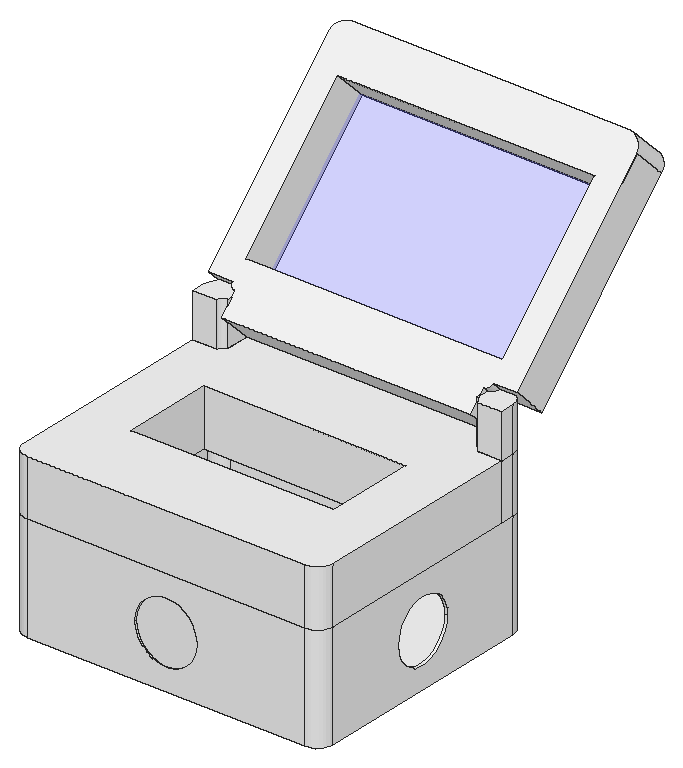
Revit family "Domotics-SerieCivili-GEWISS-27COMBI_SYSTEM-IP55_TARGA_PORTANOME", category Apparecchi elettrici, host Superficie, Revit 2016
Family settings
  Host = Superficie
  Mantenere orientamento annotazione = Sì
  Tipo di parte = Normale
  Quota connettore circolare = Usa diametro
  Numero OmniClass = 23.80.30.14.24
  Titolo OmniClass = Junction Boxes
  Taglio con vuoti quando caricato = Sì
  Condiviso = Sì
  Punto di calcolo locali = No
Parameters (values of type "GW27836 - Con targa portanome")
  Viti coperchio = "Acciaio inox"
  Versione file RFA = "19.4"
  VISTA DI PIANTA [instance] = yes
  URL = "https://www.gewiss.com/it/it"
  Tipo sfondabili = "Asportabili con utensile"
  Tipo portella = "Con membrana"
  Tipo = "Pulsante 1P NA - 10 A"
  Termopressione con biglia = "70 °C"
  Tensione: = "250 V ac"
  Tensione = "230 V ac"
  Temperatura di installazione = "-25 +60 °C"
  Scheda Tecnica = "https://www.gewiss.com/it/it/search?q=GW27836"
  SPORTELLO APERTO [instance] = yes
  SEO = "Contenitore"
  Produttore = "GEWISS S.p.A."
  Offset = 0 mm
  Norma di riferimento: = "EN 60669-1"
  N. fori Ã˜ 23 sfondabili: = "Laterali 3 / Sul fondo 1"
  N. fori Ã˜ 23 con passacavo = "1"
  Modello = "GW27836"
  IFC.TypeObject = ""
  IFC.ExportType = ""
  IFC.ExportAs = ""
  Default Elevation = 1219.2 mm
  Immagine tipo = GW27836.jpg
  IDT = "ff93f4d0-afba-40bc-82a4-8346ff139388"
  IDF = "e553e15a-08b4-43eb-be10-b546bc79620c"
  Grado di protezione = "IP55"
  Glow Wire Test = "650°C"
  Dim. esterne BxHxP (mm) = "99x82x65"
  Descrizione: = "Pulsante 1P NA - 10 A"
  Descrizione = "PULSANTE UNIP.10A TARGA PORTANOME STAGNO"
  Creato da GEWISS S.p.A. = ""
  Coppia serraggio viti = "0,8NM"
  Colore portella = "Trasparente"
  Colore = "Grigio RAL 7035"
  Codice Electrocod = "0130"
  Codice EAN = "8011564095458"
  Classe isolamento = "II"
  Catalogo Serie = "27COMBI"
  Catalogo = "DOMOTICS"
  Caratteristiche = "Targa portanome illuminabile"
  COBie.Tagnumber = ""
  COBie.CreatedOn = ""
  COBie.CreatebBy = ""
  COBie.ComponentRegisterItemID = ""
  COBie.Component.TagNumber = ""
  COBie.Component.Space = ""
  COBie.Component.SerialNumber = ""
  COBie.Component.InstallationDate = ""
  COBie.Component.Description = ""
  COBie.Component.BarCode = ""
Reference planes
  plane 1 "Centro (Fronte/Retro)": y = 0
  plane 2: z = 0
  plane 3 "Centro (Sinistra/Destra)": x = 0
  plane 4: z = 0
  plane 5: y = 41
  plane 6: y = -41
  plane 7: x = -49.5
  plane 8: x = 49.5
  plane 9: z = 60
Lines and regions (mm)
  Masking region 1
    outline origin (0, 0, 0) x (0, 1, 0) y (0, 0, 1)
      loop
        line (-41, 0) -> (41, 0) -> (41, 60) -> (-41, 60) -> (-41, 0)
  Masking region 2, visible <- "VISTA DI PIANTA"
    outline origin (0, 0, 0) x (1, 0, 0) y (0, 0, 1)
      loop
        line (-49.5, 60) -> (-49.5, 0) -> (49.5, 0) -> (49.5, 60) -> (-49.5, 60)
  Masking region 3, detail levels medium+fine
    outline origin (0, 0, 0) x (0, 1, 0) y (0, 0, 1)
      loop
        circle (0, 17) r 10
  Masking region 4, visible <- "VISTA DI PIANTA", detail levels medium+fine
    outline origin (0, 0, 0) x (1, 0, 0) y (0, 0, 1)
      loop
        circle (0, 17) r 10
Dimensions and locks
  "Offset": plane 4 to host face
  locked: plane 5 to plane 6 at 82
  locked: plane 7 to plane 8 at 99
  locked: plane 9 to plane 4 at 60
  aligned and locked: plane 2 to host face
  aligned and locked: level to host face
  aligned and locked: plane 3 "Centro (Sinistra/Destra)" to nested 1
  aligned and locked: plane 1 "Centro (Fronte/Retro)" to nested 1
  aligned and locked: plane 8 to nested 1
  aligned and locked: plane 7 to nested 1
  aligned and locked: plane 5 to nested 1
  aligned and locked: plane 6 to nested 1
  aligned and locked: Masking region 1 sketch curve to level
  aligned and locked: Masking region 1 sketch curve to nested 1
  aligned and locked: Masking region 1 sketch curve to plane 9
  aligned and locked: plane 5 to Masking region 1 sketch curve
  aligned and locked: plane 9 to Masking region 2 sketch curve
  aligned and locked: plane 7 to Masking region 2 sketch curve
  aligned and locked: plane 8 to Masking region 2 sketch curve
  aligned and locked: plane 4 to Masking region 2 sketch curve
Automatic sketch dimensions
  host sketch curve to host sketch curve = 2438.4 mm  (x2)
  Masking region 4 sketch curve to plane 3 "Centro (Sinistra/Destra)" = 0 mm
  level to Masking region 4 sketch curve = 17 mm
  Masking region 3 sketch curve to plane 1 "Centro (Fronte/Retro)" = 0 mm
  level to Masking region 3 sketch curve = 17 mm
  radius of Masking region 4 sketch curve = 10 mm
  radius of Masking region 3 sketch curve = 10 mm
Nested families
  nested 1: "SYSTEM CONTENITORI IP55 COMPL NOME_BASE" at (0, 0, 0), Sportello aperto <- "SPORTELLO APERTO", type "GW27836 - PULSANTE_UNIP"
    with Sportello chiuso no, Sportello aperto yes
Connectors
  cabletrayconduit at (49.5, 0, 17), diameter 20
    settings: on nested 1, index 1, connector width 300 mm, connector height 300 mm, connector angle 0.00°, system type 32, placement type 0, profile type 0, connector reference index -1, is primary connector yes, connector utility param no, connector description ""
  cabletrayconduit at (0, -41, 17), diameter 20
    settings: on nested 1, index 2, connector width 300 mm, connector height 300 mm, connector angle 0.00°, system type 32, placement type 0, profile type 0, connector reference index -1, is primary connector no, connector utility param no, connector description ""
  cabletrayconduit at (-48.5, 0, 17), diameter 20
    settings: on nested 1, index 3, connector width 300 mm, connector height 300 mm, connector angle 0.00°, system type 32, placement type 0, profile type 0, connector reference index -1, is primary connector no, connector utility param no, connector description ""
  cabletrayconduit at (0, 40.592, 17), diameter 20
    settings: on nested 1, index 4, connector width 300 mm, connector height 300 mm, connector angle 0.00°, system type 32, placement type 0, profile type 0, connector reference index -1, is primary connector no, connector utility param no, connector description ""
Definition of nested family "SYSTEM CONTENITORI IP55 COMPL NOME_BASE"
  Parameters (values of type "GW27836 - PULSANTE_UNIP")
    VETRO = none
    Sportello chiuso [instance] = not(Sportello aperto)  # no
    Sportello aperto [instance] = yes
    Profondità scatola = 34 mm
    Offset bidimensionale = 60 mm
    Larghezza scatola = 99 mm
    SCATOLA = none
    Larghezza foro = 65 mm
    Default Elevation = 1219.2 mm
    Altezza scatola = 82 mm
    Altezza foro = 29 mm
  Reference planes
    plane 1 "Centro (Fronte/Retro)": y = 0
    plane 2: z = 0
    plane 3 "Centro (Sinistra/Destra)": x = 0
    plane 4: x = -49.5
    plane 5: x = 49.5
    plane 6 "1": y = 41
    plane 7: y = -41
    plane 8 "PIANO 1": z = 66
    plane 9: z = 34
    plane 10: z = 2
    plane 11: z = 52
    plane 12: x = -32.5
    plane 13: x = 32.5
    plane 14: y = 14.5
    plane 15: y = -14.5
    plane 16: z = 17
    plane 17 "PIANO BIDIMENSIONALE": z = 60
  Forms (mm)
    Extrusion 1, solid, material <- "SCATOLA", detail levels medium+fine
      sketch origin (0, 0, 66) x (0, -1, 0) y (1, 0, 0)
        loop
          arc (-41, -44.5) -> (-39.536, -48.036) -> (-36, -49.5) r 5
          line (-36, -49.5) -> (36, -49.5)
          arc (36, -49.5) -> (39.536, -48.036) -> (41, -44.5) r 5
          line (41, -44.5) -> (41, 44.5)
          arc (41, 44.5) -> (39.536, 48.036) -> (36, 49.5) r 5
          line (36, 49.5) -> (-36, 49.5)
          arc (-36, 49.5) -> (-39.536, 48.036) -> (-41, 44.5) r 5
          line (-41, 44.5) -> (-41, -44.5)
      from -66 to -32
    Extrusion 2, void, detail levels medium+fine
      sketch origin (0, 0, 66) x (0, -1, 0) y (1, 0, 0)
        loop
          line (-40, 44.5) -> (-40, -44.5)
          arc (-40, -44.5) -> (-38.828, -47.328) -> (-36, -48.5) r 4
          line (-36, -48.5) -> (36, -48.5)
          arc (36, -48.5) -> (38.828, -47.328) -> (40, -44.5) r 4
          line (40, -44.5) -> (40, 44.5)
          arc (40, 44.5) -> (38.828, 47.328) -> (36, 48.5) r 4
          line (36, 48.5) -> (-36, 48.5)
          arc (-36, 48.5) -> (-38.828, 47.328) -> (-40, 44.5) r 4
      from -64 to -32
    Extrusion 3, solid, material <- "SCATOLA", visible <- "Sportello chiuso", detail levels medium+fine
      sketch origin (0, 0, 66) x (0, -1, 0) y (1, 0, 0)
        loop
          line (-41, -39.914) -> (-33.415, -39.914)
          arc (-33.415, -39.914) -> (-32.861, -41.251) -> (-31.525, -41.804) r 1.89
          line (-31.525, -41.804) -> (-31.525, -49.5) -> (36, -49.5)
          arc (36, -49.5) -> (39.536, -48.036) -> (41, -44.5) r 5
          line (41, -44.5) -> (41, 44.5)
          arc (41, 44.5) -> (39.536, 48.036) -> (36, 49.5) r 5
          line (36, 49.5) -> (-31.525, 49.5) -> (-31.525, 41.804)
          arc (-31.525, 41.804) -> (-32.861, 41.251) -> (-33.415, 39.914) r 1.89
          line (-33.415, 39.914) -> (-41, 39.914) -> (-41, -39.914)
        loop
          line (19.857, 41.217) -> (-17.857, 41.217) -> (-17.857, -41.217) -> (19.857, -41.217) -> (19.857, 41.217)
      from -14 to 0
    Extrusion 4, solid, material <- "SCATOLA", detail levels medium+fine
      sketch origin (0, 0, 66) x (0, -1, 0) y (1, 0, 0)
        loop
          line (-41, -39.914) -> (-33.415, -39.914)
          arc (-33.415, -39.914) -> (-32.861, -41.251) -> (-31.525, -41.804) r 1.89
          line (-31.525, -41.804) -> (-31.525, -49.5) -> (36, -49.5)
          arc (36, -49.5) -> (39.536, -48.036) -> (41, -44.5) r 5
          line (41, -44.5) -> (41, 44.5)
          arc (41, 44.5) -> (39.536, 48.036) -> (36, 49.5) r 5
          line (36, 49.5) -> (-31.525, 49.5) -> (-31.525, 41.804)
          arc (-31.525, 41.804) -> (-32.861, 41.251) -> (-33.415, 39.914) r 1.89
          line (-33.415, 39.914) -> (-41, 39.914) -> (-41, -39.914)
        loop
          line (14.5, 32.5) -> (-14.5, 32.5) -> (-14.5, -32.5) -> (14.5, -32.5) -> (14.5, 32.5)
      from -32 to -14
    Extrusion 5, solid, material <- "SCATOLA", detail levels medium+fine
      sketch origin (0, 0, 66) x (0, -1, 0) y (1, 0, 0)
        loop
          arc (-41, -44.5) -> (-39.536, -48.036) -> (-36, -49.5) r 5
          line (-36, -49.5) -> (-31.525, -49.5) -> (-31.525, -41.804)
          arc (-31.525, -41.804) -> (-32.861, -41.251) -> (-33.415, -39.914) r 1.89
          line (-33.415, -39.914) -> (-41, -39.914) -> (-41, -44.5)
      from -14 to 0
    Extrusion 6, solid, material <- "SCATOLA", detail levels medium+fine
      sketch origin (0, 0, 66) x (0, -1, 0) y (1, 0, 0)
        loop
          line (-41, 44.5) -> (-41, 39.914) -> (-33.415, 39.914)
          arc (-33.415, 39.914) -> (-32.861, 41.251) -> (-31.525, 41.804) r 1.89
          line (-31.525, 41.804) -> (-31.525, 49.5) -> (-36, 49.5)
          arc (-36, 49.5) -> (-39.536, 48.036) -> (-41, 44.5) r 5
      from -14 to 0
    Extrusion 7, solid, material <- "VETRO", visible <- "Sportello chiuso", detail levels medium+fine
      sketch origin (0, 0, 66) x (0, -1, 0) y (1, 0, 0)
        loop
          line (-17.857, -41.217) -> (17.857, -41.217) -> (17.857, 41.217) -> (-17.857, 41.217) -> (-17.857, -41.217)
      from -1.5 to 0
    Extrusion 8, solid, material <- "SCATOLA", visible <- "Sportello aperto", detail levels medium+fine
      sketch origin (0, 69.991, 80.991) x (0, 0.707107, 0.707107) y (1, 0, 0)
        loop
          line (-41, -39.914) -> (-33.415, -39.914)
          arc (-33.415, -39.914) -> (-32.861, -41.251) -> (-31.525, -41.804) r 1.89
          line (-31.525, -41.804) -> (-31.525, -49.5) -> (36, -49.5)
          arc (36, -49.5) -> (39.536, -48.036) -> (41, -44.5) r 5
          line (41, -44.5) -> (41, 44.5)
          arc (41, 44.5) -> (39.536, 48.036) -> (36, 49.5) r 5
          line (36, 49.5) -> (-31.525, 49.5) -> (-31.525, 41.804)
          arc (-31.525, 41.804) -> (-32.861, 41.251) -> (-33.415, 39.914) r 1.89
          line (-33.415, 39.914) -> (-41, 39.914) -> (-41, -39.914)
        loop
          line (26.857, 41.217) -> (-24.857, 41.217) -> (-24.857, -41.217) -> (26.857, -41.217) -> (26.857, 41.217)
      from -14 to 0
    Extrusion 9, solid, material <- "VETRO", visible <- "Sportello aperto", detail levels medium+fine
      sketch origin (0, 69.991, 80.991) x (0, 0.707107, 0.707107) y (1, 0, 0)
        loop
          line (-24.857, -41.217) -> (26.857, -41.217) -> (26.857, 41.217) -> (-24.857, 41.217) -> (-24.857, -41.217)
      from -1.5 to 0
    Extrusion 10, solid, material <- "SCATOLA", visible <- "Sportello aperto", not visible
      sketch origin (210, 0, -63.711) x (0, -1, 0) y (1, 0, 0)
        loop
          line (-41, -56.414) -> (-33.415, -56.414)
          arc (-33.415, -56.414) -> (-32.861, -57.751) -> (-31.525, -58.304) r 1.89
          line (-31.525, -58.304) -> (-31.525, -66) -> (36, -66)
          arc (36, -66) -> (39.536, -64.536) -> (41, -61) r 5
          line (41, -61) -> (41, 61)
          arc (41, 61) -> (39.536, 64.536) -> (36, 66) r 5
          line (36, 66) -> (-31.525, 66) -> (-31.525, 58.304)
          arc (-31.525, 58.304) -> (-32.861, 57.751) -> (-33.415, 56.414) r 1.89
          line (-33.415, 56.414) -> (-41, 56.414) -> (-41, -56.414)
        loop
          line (26.857, 57.717) -> (-24.857, 57.717) -> (-24.857, -57.717) -> (26.857, -57.717) -> (26.857, 57.717)
      from -14 to 0
    Extrusion 11, solid, material <- "VETRO", visible <- "Sportello aperto", not visible
      sketch origin (210, 0, -63.711) x (0, -1, 0) y (1, 0, 0)
        loop
          line (-24.857, -57.717) -> (26.857, -57.717) -> (26.857, 57.717) -> (-24.857, 57.717) -> (-24.857, -57.717)
      from -1.5 to 0
    Extrusion 12, solid, material <- "SCATOLA", detail levels fine
      sketch origin (0, 0, 0) x (1, 0, 0) y (0, 0, 1)
        loop
          circle (0, 17) r 16
      from -43 to -41
    Extrusion 13, solid, material <- "SCATOLA", detail levels fine
      sketch origin (0, 41, 0) x (-1, 0, 0) y (0, 0, 1)
        loop
          circle (0, 17) r 13
      from 5 to 3
    Extrusion 14, solid, material <- "SCATOLA", detail levels fine
      sketch origin (0, 41, 0) x (-1, 0, 0) y (0, 0, 1)
        loop
          circle (0, 17) r 10
      from 8 to 6
    Extrusion 15, solid, material <- "SCATOLA", detail levels fine
      sketch origin (0, 41, 0) x (-1, 0, 0) y (0, 0, 1)
        loop
          circle (0, 17) r 3
      from 2 to 6
    Extrusion 16, solid, material <- "SCATOLA", detail levels medium+fine
      sketch origin (0, 0, 0) x (1, 0, 0) y (0, 1, 0)
        loop
          line (-39.914, 33.415) -> (-39.914, 41) -> (-44.5, 41)
          arc (-44.5, 41) -> (-48.036, 39.536) -> (-49.5, 36) r 5
          line (-49.5, 36) -> (-49.5, 31.525) -> (-41.804, 31.525)
          arc (-41.804, 31.525) -> (-41.251, 32.861) -> (-39.914, 33.415) r 1.89
        loop
          arc (39.914, 33.415) -> (41.251, 32.861) -> (41.804, 31.525) r 1.89
          line (41.804, 31.525) -> (49.5, 31.525) -> (49.5, 36)
          arc (49.5, 36) -> (48.036, 39.536) -> (44.5, 41) r 5
          line (44.5, 41) -> (39.914, 41) -> (39.914, 33.415)
      from 34 to 52
    Extrusion 17, void, detail levels medium+fine
      sketch origin (0, 0, 0) x (0, 1, 0) y (0, 0, 1)
        loop
          circle (0, 17) r 10
      from 32.526 to 49.5
    Extrusion 18, void, detail levels medium+fine
      sketch origin (0, 0, 0) x (1, 0, 0) y (0, 0, 1)
        loop
          circle (0, 17) r 10
      from 40.592 to 41
    Extrusion 19, void, detail levels medium+fine
      sketch origin (0, 0, 0) x (0, 1, 0) y (0, 0, -1)
        loop
          circle (0, -17) r 11.5
      from 32.526 to 49.5
    Extrusion 20, void, detail levels medium+fine
      sketch origin (0, 0, 0) x (1, 0, 0) y (0, 0, -1)
        loop
          circle (0, -17) r 10
      from 40.592 to 41
    Extrusion 21, solid, material <- "SCATOLA", detail levels coarse
      sketch origin (0, 0, 66) x (0, -1, 0) y (1, 0, 0)
        loop
          arc (36, -49.5) -> (39.536, -48.036) -> (41, -44.5) r 5
          line (41, -44.5) -> (41, 44.5)
          arc (41, 44.5) -> (39.536, 48.036) -> (36, 49.5) r 5
          line (36, 49.5) -> (-31.525, 49.5) -> (-36, 49.5)
          arc (-36, 49.5) -> (-39.536, 48.036) -> (-41, 44.5) r 5
          line (-41, 44.5) -> (-41, -44.5)
          arc (-41, -44.5) -> (-39.536, -48.036) -> (-36, -49.5) r 5
          line (-36, -49.5) -> (36, -49.5)
      from -66 to -6
  Cuts and joins
    Extrusion 2, Extrusion 17, Extrusion 18, Extrusion 19, Extrusion 20 cuts Extrusion 1
  Lines and regions (mm)
    Masking region 1
      outline origin (0, 0, 66) x (0, -1, 0) y (1, 0, 0)
        loop
          line (36, 49.5) -> (-31.525, 49.5) -> (-36, 49.5)
          arc (-36, 49.5) -> (-39.536, 48.036) -> (-41, 44.5) r 5
          line (-41, 44.5) -> (-41, -44.5)
          arc (-41, -44.5) -> (-39.536, -48.036) -> (-36, -49.5) r 5
          line (-36, -49.5) -> (36, -49.5)
          arc (36, -49.5) -> (39.536, -48.036) -> (41, -44.5) r 5
          line (41, -44.5) -> (41, 44.5)
          arc (41, 44.5) -> (39.536, 48.036) -> (36, 49.5) r 5
        loop
          line (26.857, 41.217) -> (-31.525, 41.217)
          arc (-31.525, 41.217) -> (-32.446, 40.836) -> (-32.828, 39.914) r 1.303
          line (-32.828, 39.914) -> (-32.828, -39.914)
          arc (-32.828, -39.914) -> (-32.446, -40.836) -> (-31.525, -41.217) r 1.303
          line (-31.525, -41.217) -> (26.857, -41.217) -> (26.857, 41.217)
        loop
          line (-14.5, 32.5) -> (-14.5, -32.5) -> (14.5, -32.5) -> (14.5, 32.5) -> (-14.5, 32.5)
        loop
          circle (-36, -44.5) r 2
        loop
          circle (-36, 44.5) r 2
    Masking region 2
      outline origin (0, 0, 66) x (0, -1, 0) y (1, 0, 0)
        loop
          line (-31.525, -49.5) -> (-31.525, -41.804)
          arc (-31.525, -41.804) -> (-32.861, -41.251) -> (-33.415, -39.914) r 1.89
          line (-33.415, -39.914) -> (-41, -39.914) -> (-41, -44.5)
          arc (-41, -44.5) -> (-39.536, -48.036) -> (-36, -49.5) r 5
          line (-36, -49.5) -> (-31.525, -49.5)
        loop
          circle (-36, -44.5) r 2
        loop
          line (-31.525, 41.804) -> (-31.525, 49.5) -> (-36, 49.5)
          arc (-36, 49.5) -> (-39.536, 48.036) -> (-41, 44.5) r 5
          line (-41, 44.5) -> (-41, 39.914) -> (-33.415, 39.914)
          arc (-33.415, 39.914) -> (-32.861, 41.251) -> (-31.525, 41.804) r 1.89
        loop
          circle (-36, 44.5) r 2
        loop
          line (41, -42.496) -> (41, -40.496) -> (38.247, -40.496)
          arc (38.247, -40.496) -> (36.833, -39.91) -> (36.247, -38.496) r 2
          line (36.247, -38.496) -> (36.247, 38.496)
          arc (36.247, 38.496) -> (36.833, 39.91) -> (38.247, 40.496) r 2
          line (38.247, 40.496) -> (41, 40.496) -> (41, 42.496) -> (36.247, 42.496)
          arc (36.247, 42.496) -> (34.833, 41.91) -> (34.247, 40.496) r 2
          line (34.247, 40.496) -> (34.247, -40.496)
          arc (34.247, -40.496) -> (34.833, -41.91) -> (36.247, -42.496) r 2
          line (36.247, -42.496) -> (41, -42.496)
        loop
          line (26.857, -41.217) -> (26.857, 41.217) -> (-31.525, 41.217)
          arc (-31.525, 41.217) -> (-32.446, 40.836) -> (-32.828, 39.914) r 1.303
          line (-32.828, 39.914) -> (-32.828, -39.914)
          arc (-32.828, -39.914) -> (-32.446, -40.836) -> (-31.525, -41.217) r 1.303
          line (-31.525, -41.217) -> (26.857, -41.217)
        loop
          line (-14.5, 32.5) -> (-14.5, -32.5) -> (14.5, -32.5) -> (14.5, 32.5) -> (-14.5, 32.5)
    Masking region 3
      outline origin (0, 0, 66) x (0, -1, 0) y (1, 0, 0)
        loop
          circle (-36, -44.5) r 2
        loop
          circle (-36, 44.5) r 2
    model lines, detail levels coarse
      curve 1: line (-44.5, 41, 60) -> (44.5, 41, 60)
      curve 2: arc (-44.5, 41, 60) -> (-48.036, 39.536, 60) -> (-49.5, 36, 60) r 5
      curve 3: line (-49.5, -36, 60) -> (-49.5, 36, 60)
      curve 4: arc (-44.5, -41, 60) -> (-48.036, -39.536, 60) -> (-49.5, -36, 60) r 5
      curve 5: line (44.5, -41, 60) -> (-44.5, -41, 60)
      curve 6: line (-40.496, -41, 60) -> (-40.496, -38.247, 60)
      curve 7: line (-42.496, -41, 60) -> (-42.496, -36.247, 60)
      curve 8: arc (-38.496, -36.247, 60) -> (-39.91, -36.833, 60) -> (-40.496, -38.247, 60) r 2
      curve 9: arc (-40.496, -34.247, 60) -> (-41.91, -34.833, 60) -> (-42.496, -36.247, 60) r 2
      curve 10: line (-40.496, -34.247, 60) -> (40.496, -34.247, 60)
      curve 11: line (-38.496, -36.247, 60) -> (38.496, -36.247, 60)
      curve 12: arc (40.496, -38.247, 60) -> (39.91, -36.833, 60) -> (38.496, -36.247, 60) r 2
      curve 13: line (40.496, -41, 60) -> (40.496, -38.247, 60)
      curve 14: arc (42.496, -36.247, 60) -> (41.91, -34.833, 60) -> (40.496, -34.247, 60) r 2
      curve 15: line (42.496, -41, 60) -> (42.496, -36.247, 60)
      curve 16: arc (49.5, -36, 60) -> (48.036, -39.536, 60) -> (44.5, -41, 60) r 5
      curve 17: line (49.5, 36, 60) -> (49.5, -36, 60)
      curve 18: arc (44.5, 41, 60) -> (48.036, 39.536, 60) -> (49.5, 36, 60) r 5
      curve 19: line (39.914, 41, 60) -> (39.914, 33.415, 60)
      curve 20: line (-39.914, 41, 60) -> (-39.914, 33.415, 60)
      curve 21: circle (-44.5, 36, 60) r 2 normal (0, 0, 1)
      curve 22: line (-46.412, 35.413, 60) -> (-43.2, 37.52, 60)
      curve 23: line (-42.672, 36.81, 60) -> (-45.972, 34.646, 60)
      curve 24: circle (44.5, 36, 60) r 2 normal (0, 0, -1)
      curve 25: line (46.412, 35.413, 60) -> (43.2, 37.52, 60)
      curve 26: line (42.672, 36.81, 60) -> (45.972, 34.646, 60)
      curve 27: line (49.5, 31.525, 60) -> (41.804, 31.525, 60)
      curve 28: arc (39.914, 33.415, 60) -> (41.251, 32.861, 60) -> (41.804, 31.525, 60) r 1.89
      curve 29: line (-39.914, 33.415, 60) -> (39.914, 33.415, 60)
      curve 30: arc (-39.914, 33.415, 60) -> (-41.251, 32.861, 60) -> (-41.804, 31.525, 60) r 1.89
      curve 31: line (-49.5, 31.525, 60) -> (-41.804, 31.525, 60)
      curve 32: arc (-39.914, 32.828, 60) -> (-40.836, 32.446, 60) -> (-41.217, 31.525, 60) r 1.303
      curve 33: line (-39.914, 32.828, 60) -> (39.914, 32.828, 60)
      curve 34: arc (39.914, 32.828, 60) -> (40.836, 32.446, 60) -> (41.217, 31.525, 60) r 1.303
      curve 35: line (41.217, 31.525, 60) -> (41.217, -26.857, 60)
      curve 36: line (-41.217, -26.857, 60) -> (-41.217, 31.525, 60)
      curve 37: line (-41.217, 24.857, 60) -> (41.217, 24.857, 60)
      curve 38: line (-32.5, 14.5, 60) -> (32.5, 14.5, 60)
      curve 39: line (32.5, 14.5, 60) -> (32.5, -14.5, 60)
      curve 40: line (-32.5, -14.5, 60) -> (-32.5, 14.5, 60)
      curve 41: line (32.5, -14.5, 60) -> (-32.5, -14.5, 60)
      curve 42: line (41.217, -26.857, 60) -> (-41.217, -26.857, 60)
    model lines, not visible, detail levels coarse
      curve 43: line (-18.5, 41, 60) -> (70.5, 41, 60)
      curve 44: arc (-18.5, 41, 60) -> (-22.036, 39.536, 60) -> (-23.5, 36, 60) r 5
      curve 45: line (-23.5, -36, 60) -> (-23.5, 36, 60)
      curve 46: arc (-18.5, -41, 60) -> (-22.036, -39.536, 60) -> (-23.5, -36, 60) r 5
      curve 47: line (70.5, -41, 60) -> (-18.5, -41, 60)
      curve 48: line (-14.496, -41, 60) -> (-14.496, -38.247, 60)
      curve 49: line (-16.496, -41, 60) -> (-16.496, -36.247, 60)
      curve 50: arc (-12.496, -36.247, 60) -> (-13.91, -36.833, 60) -> (-14.496, -38.247, 60) r 2
      curve 51: arc (-14.496, -34.247, 60) -> (-15.91, -34.833, 60) -> (-16.496, -36.247, 60) r 2
      curve 52: line (-14.496, -34.247, 60) -> (66.496, -34.247, 60)
      curve 53: line (-12.496, -36.247, 60) -> (64.496, -36.247, 60)
      curve 54: arc (66.496, -38.247, 60) -> (65.91, -36.833, 60) -> (64.496, -36.247, 60) r 2
      curve 55: line (66.496, -41, 60) -> (66.496, -38.247, 60)
      curve 56: arc (68.496, -36.247, 60) -> (67.91, -34.833, 60) -> (66.496, -34.247, 60) r 2
      curve 57: line (68.496, -41, 60) -> (68.496, -36.247, 60)
      curve 58: arc (75.5, -36, 60) -> (74.036, -39.536, 60) -> (70.5, -41, 60) r 5
      curve 59: line (75.5, 36, 60) -> (75.5, -36, 60)
      curve 60: arc (70.5, 41, 60) -> (74.036, 39.536, 60) -> (75.5, 36, 60) r 5
      curve 61: line (65.914, 41, 60) -> (65.914, 33.415, 60)
      curve 62: line (-13.914, 41, 60) -> (-13.914, 33.415, 60)
      curve 63: circle (-18.5, 36, 60) r 2 normal (0, 0, 1)
      curve 64: line (-20.412, 35.413, 60) -> (-17.2, 37.52, 60)
      curve 65: line (-16.672, 36.81, 60) -> (-19.972, 34.646, 60)
      curve 66: circle (70.5, 36, 60) r 2 normal (0, 0, -1)
      curve 67: line (72.412, 35.413, 60) -> (69.2, 37.52, 60)
      curve 68: line (68.672, 36.81, 60) -> (71.972, 34.646, 60)
      curve 69: line (75.5, 31.525, 60) -> (67.804, 31.525, 60)
      curve 70: arc (65.914, 33.415, 60) -> (67.251, 32.861, 60) -> (67.804, 31.525, 60) r 1.89
      curve 71: line (-13.914, 33.415, 60) -> (65.914, 33.415, 60)
      curve 72: arc (-13.914, 33.415, 60) -> (-15.251, 32.861, 60) -> (-15.804, 31.525, 60) r 1.89
      curve 73: line (-23.5, 31.525, 60) -> (-15.804, 31.525, 60)
      curve 74: arc (-13.914, 32.828, 60) -> (-14.836, 32.446, 60) -> (-15.217, 31.525, 60) r 1.303
      curve 75: line (-13.914, 32.828, 60) -> (65.914, 32.828, 60)
      curve 76: arc (65.914, 32.828, 60) -> (66.836, 32.446, 60) -> (67.217, 31.525, 60) r 1.303
      curve 77: line (67.217, 31.525, 60) -> (67.217, -26.857, 60)
      curve 78: line (-15.217, -26.857, 60) -> (-15.217, 31.525, 60)
      curve 79: line (-15.217, 24.857, 60) -> (67.217, 24.857, 60)
      curve 80: line (-6.5, 14.5, 60) -> (58.5, 14.5, 60)
      curve 81: line (58.5, 14.5, 60) -> (58.5, -14.5, 60)
      curve 82: line (-6.5, -14.5, 60) -> (-6.5, 14.5, 60)
      curve 83: line (58.5, -14.5, 60) -> (-6.5, -14.5, 60)
      curve 84: line (67.217, -26.857, 60) -> (-15.217, -26.857, 60)
  Dimensions and locks
    equal spacing: plane 4, plane 3 "Centro (Sinistra/Destra)", plane 5
    equal spacing: plane 6 "1", plane 1 "Centro (Fronte/Retro)", plane 7
    "Altezza scatola": plane 6 "1" to plane 7
    "Larghezza scatola": plane 4 to plane 5
    "Profondità scatola": plane 9 to level
    plane 8 "PIANO 1" to plane 11 = 14 mm
    "Altezza foro": plane 15 to plane 14
    "Larghezza foro": plane 12 to plane 13
    equal spacing: plane 12, plane 3 "Centro (Sinistra/Destra)", plane 13
    equal spacing: level, plane 16, plane 9
    equal spacing: plane 15, plane 1 "Centro (Fronte/Retro)", plane 14
    "Offset bidimensionale": plane 17 "PIANO BIDIMENSIONALE" to plane 2
    aligned and locked: level to plane 2
    aligned and locked: Extrusion 1 sketch curve to plane 6 "1"
    aligned and locked: plane 4 to Extrusion 1 sketch curve
    aligned and locked: Extrusion 1 sketch curve to plane 5
    aligned and locked: plane 7 to Extrusion 1 sketch curve
    aligned and locked: Extrusion 1 to level
    aligned and locked: Extrusion 2 to plane 10
    aligned and locked: plane 9 to Extrusion 2
    aligned and locked: plane 9 to Extrusion 1
    aligned and locked: Extrusion 3 sketch curve to plane 4
    aligned and locked: plane 6 "1" to Extrusion 3 sketch curve
    aligned and locked: plane 5 to Extrusion 3 sketch curve
    aligned and locked: Extrusion 3 sketch curve to plane 7
    aligned and locked: plane 8 "PIANO 1" to Extrusion 3
    aligned and locked: Extrusion 3 to plane 11
    aligned and locked: Extrusion 4 to Extrusion 3
    aligned and locked: Extrusion 4 to plane 9
    aligned and locked: cut or joined group of Extrusion 1, Extrusion 2, Extrusion 17, Extrusion 18, Extrusion 19, Extrusion 20 to Extrusion 5 sketch curve
    aligned and locked: Extrusion 5 sketch curve to cut or joined group of Extrusion 1, Extrusion 2, Extrusion 17, Extrusion 18, Extrusion 19, Extrusion 20
    aligned and locked: Extrusion 5 to Extrusion 3
    aligned and locked: plane 5 to Extrusion 6
    aligned and locked: Extrusion 3 to Extrusion 7 sketch curve
    aligned and locked: plane 8 "PIANO 1" to Extrusion 7
    aligned and locked: Extrusion 7 sketch curve to Extrusion 3
    aligned and locked: Extrusion 9 sketch curve to Extrusion 8  (x2)
    aligned and locked: Extrusion 11 sketch curve to Extrusion 10  (x2)
    aligned and locked: Extrusion 8 to plane 4
    aligned and locked: Extrusion 9 to Extrusion 8  (x2)
    aligned and locked: Extrusion 11 to Extrusion 10  (x2)
    aligned and locked: plane 4 to Extrusion 8 sketch curve
    aligned and locked: Extrusion 8 sketch curve to plane 5
    aligned and locked: plane 14 to Extrusion 4 sketch curve
    aligned and locked: Extrusion 4 sketch curve to plane 15
    aligned and locked: plane 12 to Extrusion 4 sketch curve
    aligned and locked: Extrusion 4 sketch curve to plane 13
    aligned and locked: plane 6 "1" to Extrusion 12
    aligned and locked: Extrusion 15 to Extrusion 12
    aligned and locked: Extrusion 15 to Extrusion 14
    aligned and locked: Extrusion 6 to Extrusion 4
    aligned and locked: Extrusion 5 to Extrusion 4
    aligned and locked: Extrusion 16 to Extrusion 3
    aligned and locked: Extrusion 16 to cut or joined group of Extrusion 1, Extrusion 2, Extrusion 17, Extrusion 18, Extrusion 19, Extrusion 20
    aligned and locked: Extrusion 16 sketch curve to Extrusion 4
    aligned and locked: plane 5 to Extrusion 17
    aligned and locked: Extrusion 18 to plane 7
    aligned and locked: Extrusion 1 to Extrusion 19
    aligned and locked: curve 1 to plane 6 "1"
    aligned and locked: plane 7 to curve 5
    aligned and locked: Extrusion 4 to plane 7
    aligned and locked: plane 5 to Extrusion 3
    aligned and locked: plane 6 "1" to Extrusion 3
    aligned and locked: Extrusion 3 to plane 4
    aligned and locked: Extrusion 3 to plane 8 "PIANO 1"
    aligned and locked: Extrusion 21 sketch curve to Extrusion 3  (x4)
    aligned and locked: plane 5 to Extrusion 21 sketch curve
    aligned and locked: Extrusion 21 to level
    aligned and locked: plane 12 to Extrusion 4  (x2)
    aligned and locked: Extrusion 4 to plane 13  (x2)
    aligned and locked: Extrusion 21 to plane 4
    aligned and locked: plane 14 to Extrusion 4
    aligned and locked: Extrusion 4 to plane 15
    aligned and locked: Extrusion 21 to plane 7
    aligned and locked: plane 5 to Extrusion 21
    aligned and locked: plane 6 "1" to Extrusion 21
    aligned and locked: curve 39 to plane 13
    aligned and locked: plane 12 to curve 40
    aligned and locked: Extrusion 21 to curve 2
    aligned and locked: Masking region 1 sketch curve to Extrusion 21  (x4)
    aligned and locked: Masking region 1 sketch curve to curve 42
    aligned and locked: Masking region 1 sketch curve to curve 36
    aligned and locked: Masking region 1 sketch curve to curve 33
    aligned and locked: Masking region 1 sketch curve to curve 35
    aligned and locked: Masking region 1 sketch curve to curve 39
    aligned and locked: Masking region 1 sketch curve to curve 41
    aligned and locked: Masking region 1 sketch curve to curve 40
    aligned and locked: Masking region 1 sketch curve to curve 38
    aligned and locked: Masking region 2 sketch curve to Extrusion 16  (x4)
    aligned and locked: Masking region 2 sketch curve to Extrusion 6  (x4)
    aligned and locked: Masking region 2 sketch curve to curve 7
    aligned and locked: Masking region 2 sketch curve to curve 10
    aligned and locked: Masking region 2 sketch curve to curve 15
    aligned and locked: Masking region 2 sketch curve to curve 6
    aligned and locked: Masking region 2 sketch curve to curve 11
    aligned and locked: Masking region 2 sketch curve to curve 36
    aligned and locked: Masking region 2 sketch curve to curve 33
    aligned and locked: Masking region 2 sketch curve to curve 35
    aligned and locked: Masking region 2 sketch curve to curve 42
    aligned and locked: Masking region 2 sketch curve to curve 39
    aligned and locked: Masking region 2 sketch curve to curve 41
    aligned and locked: Masking region 2 sketch curve to curve 40
    aligned and locked: Masking region 2 sketch curve to curve 38
  Automatic sketch dimensions
    Extrusion 10 sketch curve to Extrusion 10 sketch curve = 7.585 mm  (x2)
    Extrusion 10 sketch curve to Extrusion 10 sketch curve = 1.89 mm  (x2)
    Extrusion 10 sketch curve to Extrusion 10 sketch curve = 6.668 mm
    Extrusion 10 sketch curve to Extrusion 10 sketch curve = 7.696 mm
    Extrusion 10 sketch curve to Extrusion 10 sketch curve = 0.587 mm  (x2)
    Extrusion 10 sketch curve to Extrusion 10 sketch curve = 112.829 mm
    Extrusion 10 sketch curve to Extrusion 10 sketch curve = 3.283 mm
    Extrusion 10 sketch curve to Extrusion 10 sketch curve = 51.714 mm
    Extrusion 10 sketch curve to Extrusion 10 sketch curve = 9.143 mm  (x2)
    Extrusion 10 sketch curve to Extrusion 10 sketch curve = 5 mm
    Extrusion 11 sketch curve to Extrusion 11 sketch curve = 51.714 mm
    Extrusion 1 sketch curve to Extrusion 1 sketch curve = 5 mm  (x2)
    Extrusion 1 sketch curve to plane 5 = 5 mm  (x2)
    Extrusion 2 sketch curve to plane 6 "1" = 1 mm
    plane 4 to Extrusion 2 sketch curve = 1 mm
    Extrusion 2 sketch curve to plane 6 "1" = 5 mm
    Extrusion 2 sketch curve to Extrusion 2 sketch curve = 4 mm
    plane 7 to Extrusion 2 sketch curve = 5 mm  (x2)
    plane 7 to Extrusion 2 sketch curve = 1 mm
    Extrusion 2 sketch curve to plane 5 = 5 mm
    Extrusion 3 sketch curve to Extrusion 3 sketch curve = 7.585 mm  (x2)
    Extrusion 3 sketch curve to plane 6 "1" = 9.475 mm
    Extrusion 3 sketch curve to Extrusion 3 sketch curve = 1.89 mm
    Extrusion 3 sketch curve to plane 14 = 3.357 mm
    plane 15 to Extrusion 3 sketch curve = 5.357 mm
    plane 7 to Extrusion 3 sketch curve = 5 mm
    Extrusion 3 sketch curve to plane 5 = 5 mm
    Extrusion 3 sketch curve to Extrusion 3 sketch curve = 7.696 mm
    Extrusion 3 sketch curve to Extrusion 3 sketch curve = 0.587 mm
    Extrusion 3 sketch curve to plane 5 = 9.586 mm
    Extrusion 3 sketch curve to plane 5 = 8.283 mm
    Extrusion 4 sketch curve to plane 6 "1" = 0 mm
    Extrusion 4 sketch curve to plane 4 = 0 mm
    Extrusion 4 sketch curve to plane 5 = 0 mm
    Extrusion 4 sketch curve to plane 7 = 0 mm
    Extrusion 4 sketch curve to Extrusion 4 sketch curve = 7.585 mm  (x2)
    Extrusion 4 sketch curve to plane 6 "1" = 9.475 mm
    Extrusion 4 sketch curve to Extrusion 4 sketch curve = 1.89 mm
    plane 7 to Extrusion 4 sketch curve = 5 mm
    Extrusion 4 sketch curve to plane 5 = 5 mm
    Extrusion 4 sketch curve to Extrusion 4 sketch curve = 7.696 mm
    Extrusion 4 sketch curve to plane 5 = 9.586 mm
    Extrusion 5 sketch curve to Extrusion 5 sketch curve = 5 mm
    Extrusion 5 sketch curve to Extrusion 5 sketch curve = 2.585 mm
    Extrusion 5 sketch curve to Extrusion 5 sketch curve = 1.89 mm
    Extrusion 5 sketch curve to Extrusion 5 sketch curve = 2.696 mm
    Extrusion 6 sketch curve to plane 6 "1" = 0 mm
    Extrusion 6 sketch curve to plane 5 = 0 mm
    plane 5 to Extrusion 6 sketch curve = 5 mm
    Extrusion 6 sketch curve to Extrusion 6 sketch curve = 2.585 mm
    Extrusion 6 sketch curve to Extrusion 6 sketch curve = 1.89 mm
    Extrusion 6 sketch curve to Extrusion 6 sketch curve = 2.696 mm
    plane 4 to Extrusion 8 sketch curve = 9.586 mm
    Extrusion 8 sketch curve to Extrusion 8 sketch curve = 7.585 mm  (x2)
    Extrusion 8 sketch curve to Extrusion 8 sketch curve = 1.89 mm  (x2)
    Extrusion 8 sketch curve to Extrusion 8 sketch curve = 6.668 mm
    Extrusion 8 sketch curve to plane 5 = 8.283 mm
    Extrusion 8 sketch curve to Extrusion 8 sketch curve = 51.714 mm
    Extrusion 8 sketch curve to Extrusion 8 sketch curve = 9.143 mm  (x2)
    Extrusion 8 sketch curve to plane 5 = 5 mm
    Extrusion 8 sketch curve to Extrusion 8 sketch curve = 0.587 mm
    Extrusion 8 sketch curve to plane 5 = 9.586 mm
    Extrusion 9 sketch curve to Extrusion 9 sketch curve = 51.714 mm
    Extrusion 12 sketch curve to plane 3 "Centro (Sinistra/Destra)" = 0 mm
    Extrusion 12 sketch curve to plane 16 = 0 mm
    Extrusion 13 sketch curve to plane 3 "Centro (Sinistra/Destra)" = 0 mm
    Extrusion 13 sketch curve to plane 16 = 0 mm
    Extrusion 14 sketch curve to plane 3 "Centro (Sinistra/Destra)" = 0 mm
    Extrusion 14 sketch curve to plane 16 = 0 mm
    Extrusion 15 sketch curve to plane 3 "Centro (Sinistra/Destra)" = 0 mm
    Extrusion 15 sketch curve to plane 16 = 0 mm
    Extrusion 16 sketch curve to plane 4 = 0 mm
    Extrusion 16 sketch curve to plane 6 "1" = 0 mm  (x2)
    Extrusion 16 sketch curve to plane 5 = 0 mm
    plane 4 to Extrusion 16 sketch curve = 5 mm
    Extrusion 16 sketch curve to Extrusion 16 sketch curve = 1.89 mm  (x2)
    Extrusion 16 sketch curve to plane 5 = 9.586 mm
    Extrusion 16 sketch curve to Extrusion 16 sketch curve = 4.586 mm
    Extrusion 16 sketch curve to Extrusion 16 sketch curve = 2.585 mm  (x2)
    Extrusion 17 sketch curve to plane 1 "Centro (Fronte/Retro)" = 0 mm
    plane 16 to Extrusion 17 sketch curve = 0 mm
    Extrusion 18 sketch curve to plane 3 "Centro (Sinistra/Destra)" = 0 mm
    Extrusion 18 sketch curve to plane 16 = 0 mm
    Extrusion 19 sketch curve to plane 1 "Centro (Fronte/Retro)" = 0 mm
    plane 16 to Extrusion 19 sketch curve = 0 mm
    Extrusion 20 sketch curve to plane 3 "Centro (Sinistra/Destra)" = 0 mm
    Extrusion 20 sketch curve to plane 16 = 0 mm
    Extrusion 7 sketch curve to plane 14 = 3.357 mm
    plane 15 to Extrusion 7 sketch curve = 3.357 mm
    plane 4 to Extrusion 21 sketch curve = 5 mm  (x2)
    Extrusion 21 sketch curve to plane 5 = 5 mm
    Extrusion 21 sketch curve to plane 6 "1" = 9.475 mm
    Extrusion 21 sketch curve to Extrusion 21 sketch curve = 4.475 mm
    curve 2 to curve 21 = 0 mm  (x4)
    curve 28 to curve 34 = 0 mm  (x4)
    curve 30 to curve 32 = 0 mm  (x4)
    curve 21 to curve 24 = 0 mm
    curve 18 to curve 34 = 4.475 mm
    curve 30 to curve 4 = 67.525 mm
    curve 16 to curve 14 = 0.247 mm
    curve 4 to curve 9 = 0.247 mm
    curve 9 to curve 8 = 2 mm
    curve 14 to curve 12 = 2 mm
    curve 2 to curve 4 = 0 mm
    curve 4 to curve 9 = 4.004 mm
    curve 21 to curve 32 = 4.586 mm
    curve 8 to curve 12 = 76.992 mm
    curve 12 to curve 34 = 1.418 mm
    curve 14 to curve 16 = 4.004 mm
    curve 25 to curve 26 = 0.709 mm
    curve 22 to curve 23 = 0.709 mm
    curve 18 to curve 25 = 0.587 mm
    curve 2 to curve 22 = 0.587 mm
    curve 22 to curve 23 = 0.767 mm
    curve 25 to curve 26 = 0.767 mm
    curve 28 to curve 34 = 1.89 mm
    curve 29 to curve 32 = 1.89 mm
    curve 29 to curve 32 = 0.587 mm
    curve 34 to curve 37 = 6.668 mm
    curve 37 to curve 38 = 10.357 mm
    curve 41 to curve 9 = 21.747 mm
    curve 42 to curve 14 = 9.39 mm
    curve 10 to curve 9 = 2 mm
    curve 11 to curve 8 = 2 mm
    curve 6 to curve 6 = 2.753 mm
    curve 13 to curve 15 = 2.753 mm
    curve 22 to curve 23 = 0.44 mm
    curve 22 to curve 23 = 0.528 mm
    curve 7 to curve 6 = 2 mm
    curve 36 to curve 41 = 8.717 mm
    curve 39 to curve 28 = 7.414 mm
    curve 10 to curve 42 = 0.722 mm
    curve 26 to curve 25 = 0.528 mm
    curve 26 to curve 25 = 0.44 mm
    curve 18 to curve 24 = 0 mm  (x4)
    curve 44 to curve 63 = 0 mm  (x4)
    curve 70 to curve 76 = 0 mm  (x4)
    curve 72 to curve 74 = 0 mm  (x4)
    curve 63 to curve 66 = 0 mm
    curve 60 to curve 76 = 4.475 mm
    curve 72 to curve 46 = 67.525 mm
    curve 58 to curve 56 = 0.247 mm
    curve 46 to curve 51 = 0.247 mm
    curve 51 to curve 50 = 2 mm
    curve 56 to curve 54 = 2 mm
    curve 44 to curve 46 = 0 mm
    curve 46 to curve 51 = 4.004 mm
    curve 63 to curve 74 = 4.586 mm
    curve 50 to curve 54 = 76.992 mm
    curve 54 to curve 76 = 1.418 mm
    curve 56 to curve 58 = 4.004 mm
    curve 67 to curve 68 = 0.709 mm
    curve 64 to curve 65 = 0.709 mm
    curve 60 to curve 67 = 0.587 mm
    curve 44 to curve 64 = 0.587 mm
    curve 64 to curve 65 = 0.767 mm
    curve 67 to curve 68 = 0.767 mm
    curve 70 to curve 76 = 1.89 mm
    curve 71 to curve 74 = 1.89 mm
    curve 71 to curve 74 = 0.587 mm
    curve 76 to curve 79 = 6.668 mm
    curve 79 to curve 80 = 10.357 mm
    curve 83 to curve 51 = 21.747 mm
    curve 84 to curve 56 = 9.39 mm
    curve 52 to curve 51 = 2 mm
    curve 53 to curve 50 = 2 mm
    curve 48 to curve 48 = 2.753 mm
    curve 55 to curve 57 = 2.753 mm
    curve 64 to curve 65 = 0.44 mm
    curve 64 to curve 65 = 0.528 mm
    curve 49 to curve 48 = 2 mm
    curve 78 to curve 83 = 8.717 mm
    curve 81 to curve 70 = 7.414 mm
    curve 52 to curve 84 = 0.722 mm
    curve 68 to curve 67 = 0.528 mm
    curve 68 to curve 67 = 0.44 mm
    curve 60 to curve 66 = 0 mm  (x4)
    Masking region 1 sketch curve to Masking region 1 sketch curve = 4.475 mm
    plane 7 to Masking region 1 sketch curve = 5 mm  (x2)
    Masking region 1 sketch curve to Masking region 1 sketch curve = 3.172 mm
    Masking region 1 sketch curve to Masking region 1 sketch curve = 1.303 mm  (x2)
    Masking region 1 sketch curve to Masking region 1 sketch curve = 4.586 mm
    Masking region 2 sketch curve to Masking region 2 sketch curve = 0 mm  (x6)
    Masking region 2 sketch curve to plane 7 = 0 mm  (x2)
    plane 4 to Masking region 2 sketch curve = 5 mm
    Masking region 2 sketch curve to plane 5 = 5 mm
    Masking region 2 sketch curve to Masking region 2 sketch curve = 1.89 mm
    Masking region 2 sketch curve to Masking region 2 sketch curve = 2 mm  (x5)
    Masking region 3 sketch curve to Masking region 3 sketch curve = 0 mm  (x2)
    Masking region 3 sketch curve to plane 6 "1" = 5 mm
    plane 4 to Masking region 3 sketch curve = 5 mm
    Masking region 3 sketch curve to Masking region 3 sketch curve = 2 mm
    radius of Extrusion 12 sketch curve = 16 mm
    radius of Extrusion 13 sketch curve = 13 mm
    radius of Extrusion 14 sketch curve = 10 mm
    radius of Extrusion 15 sketch curve = 3 mm
    radius of Extrusion 17 sketch curve = 10 mm
    radius of Extrusion 18 sketch curve = 10 mm
    radius of Extrusion 19 sketch curve = 11.5 mm
    radius of Extrusion 20 sketch curve = 10 mm
    radius of Masking region 2 sketch curve = 2 mm  (x2)
